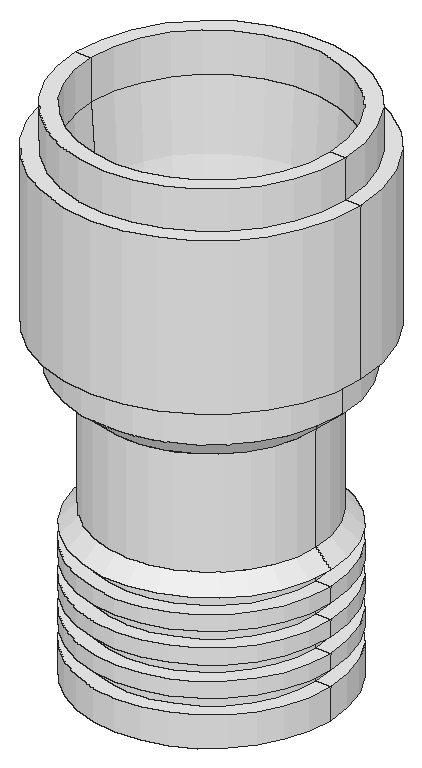
Revit family "XXXCheck_Valve-Grohe-Universal-14232_Series", category Pipe Accessories, Revit 2019
Family settings
  Round Connector Dimension = Use Diameter
  Part Type = Normal
  OmniClass Number = 23.65.55.14.17
  OmniClass Title = Adjusting/Controlling Valves for Liquid Services
  Work Plane-Based = Yes
  Always vertical = Yes
  Cut with Voids When Loaded = Yes
  Shared = Yes
Parameters (values of type "14232000")
  Water Supply Pressure = ""
  URL = "https://www.grohe.us/"
  Model = "14232000"
  Material = "Metal-Grohe-000-StarLight Chrome"
  Manufacturer = "GROHE"
  Height = 1 1/16"
  Finish = Metal-Grohe-000-StarLight Chrome
  Diameter = 1/2"
  Description = "UNIVERSAL Check Valve"
  Default Elevation = 0"
  Creation Date = "11/04/2022"
  Connection Size = 1/2"
  Compliance Certifications = "CSA compliant when installed to the specific requirements of these regulations"
  Assembly Code = "D2090600"
  ADA Compliant = yes
Types (6): name | Model | Material | Finish | Compliance Certifications
  (no name) | "14232000" | "Metal-Grohe-000-StarLight Chrome" | Metal-Grohe-000-StarLight Chrome | "CSA compliant when installed to the specific requirements of these regulations"
  14232000 | "14232000" | "Metal-Grohe-000-StarLight Chrome" | Metal-Grohe-000-StarLight Chrome | "CSA compliant when installed to the specific requirements of these regulations"
  142322430 | "142322430" | "Metal-Grohe-430-Matte Black" | Metal-Grohe-430-Matte Black | "ADA, CSA compliant when installed to the specific requirements of these regulations"
  14232A00 | "14232A00" | "Metal-Grohe-A00-Hard Graphite" | Metal-Grohe-A00-Hard Graphite | "ADA, CSA compliant when installed to the specific requirements of these regulations"
  14232EN0 | "14232EN0" | "Metal-Grohe-Brushed Nickel Infinity Finish" | Metal-Grohe-Brushed Nickel Infinity Finish | "ADA, CSA compliant when installed to the specific requirements of these regulations"
  14232GN0 | "14232GN0" | "Metal-Grohe-Brushed Nickel Infinity Finish" | Metal-Grohe-Brushed Cool Sunrise | "ADA, CSA compliant when installed to the specific requirements of these regulations"
Reference planes (in)
  plane 1 "Center (Front/Back)": y = 0
  plane 2: z = 0
  plane 3 "Center (Left/Right)": x = 0
  plane 4: x = -0.25
  plane 5: z = 0.3125
  plane 6: z = 1.0625
  plane 7: z = 0.8125
  plane 8: x = 0.25
  plane 9: x = -0.21875
Forms (in)
  Revolve 1, solid, material "Metal-Grohe-000-StarLight Chrome" <- "Finish"
    sketch origin (0, 0, 0) x (1, 0, 0) y (0, 0, 1)
      loop
        line (-0.21875, 0.15625) -> (-0.21875, 0.125) -> (-0.25, 0.125) -> (-0.25, 0.09375) -> (-0.21875, 0.09375) -> (-0.21875, 0.0625) -> (-0.25, 0.0625) -> (-0.25, 0) -> (-0.21875, 0)
        arc (-0.21875, 0) -> (-0.16548, 0.34744) -> (-0.21123, 0.69594) r 1.2477
        arc (-0.21123, 0.69594) -> (-0.24026, 0.83635) -> (-0.25, 0.9794) r 1.05566
        line (-0.25, 0.9794) -> (-0.25, 1.0625) -> (-0.28125, 1.0625) -> (-0.28125, 0.98375) -> (-0.3125, 0.98375) -> (-0.3125, 0.65949) -> (-0.27428, 0.65949) -> (-0.27428, 0.58121) -> (-0.21875, 0.53294) -> (-0.21875, 0.3125) -> (-0.25, 0.28125) -> (-0.21875, 0.28125) -> (-0.21875, 0.25) -> (-0.25, 0.25) -> (-0.25, 0.21875) -> (-0.21875, 0.21875) -> (-0.21875, 0.1875) -> (-0.25, 0.1875) -> (-0.25, 0.15625) -> (-0.21875, 0.15625)
      axis (0, 1.0625) -> (0, 0)
    angle from 0 to 360
Lines and regions (in)
  Masking region 1
    outline origin (0, 0, 0) x (1, 0, 0) y (0, 1, 0)
      loop
        circle (0, 0) r 0.3125
  symbolic lines, detail levels medium+fine
    curve 1: circle (0, 0, 0) r 0.25 normal (0, 0, -1)
Dimensions and locks (in)
  plane 5 to level = 5/16"
  "Height": plane 6 to level
  plane 6 to plane 7 = 1/4"
  "Diameter": plane 8 to plane 4
  locked: plane 9 to plane 4 at 0.03125
  aligned and locked: Revolve 1 sketch curve to Revolve 1 sketch curve  (x3)
  aligned and locked: Revolve 1 sketch curve to plane 9
  aligned and locked: plane 4 to Revolve 1 sketch curve  (x2)
  aligned and locked: Revolve 1 sketch curve to plane 4  (x2)
  aligned and locked: Masking region 1 sketch curve to Revolve 1
  aligned and locked: curve 1 to Revolve 1
Automatic sketch dimensions
  Revolve 1 sketch curve to plane 6 = 0"
  Revolve 1 sketch curve to plane 4 = 0"  (x2)
  Revolve 1 sketch curve to plane 5 = 0"
  Revolve 1 sketch curve to plane 9 = 0"  (x2)
  Revolve 1 sketch curve to level = 0"
  Revolve 1 sketch curve to plane 3 "Center (Left/Right)" = 0"
  Revolve 1 sketch curve to plane 4 = 0.02428"
  Revolve 1 sketch curve to Revolve 1 sketch curve = 1/32"  (x7)
  Revolve 1 sketch curve to Revolve 1 sketch curve = 0.03822"
  plane 5 to Revolve 1 sketch curve = 0.04841"
  Revolve 1 sketch curve to Revolve 1 sketch curve = 1.10061"
  Revolve 1 sketch curve to plane 6 = 0.0831"
  Revolve 1 sketch curve to plane 8 = 0.55566"
  Revolve 1 sketch curve to Revolve 1 sketch curve = 1/16"
  Revolve 1 sketch curve to plane 5 = 1/32"
  Revolve 1 sketch curve to Revolve 1 sketch curve = 0.163"
  Revolve 1 sketch curve to Revolve 1 sketch curve = 0.11473"
  Revolve 1 sketch curve to Revolve 1 sketch curve = 0.07828"
  Revolve 1 sketch curve to Revolve 1 sketch curve = 0.00435"
  plane 6 to Revolve 1 sketch curve = 0.15301"
  Revolve 1 sketch curve to Revolve 1 sketch curve = 0.16402"
Connectors (in)
  piping at (0, 0, 1.0625), diameter 0.5, driven by "Connection Size"
    settings: on Revolve 1, index 1, connector inside diameter 24", connector length 0", flow factor 0, pipe flow 0 GPM, pressure drop 0.00 psi, fitting loss kfactor 0, connector angle 0.00°, fixture units 0, engagement length 0", angle of deflection 0.00°, flow configuration 0, flow direction 1, fitting loss method 0, system type 29, joint type 0, gender type 0, connector reference index -1, connector utility 0, adjustable connector no, is connector primary yes, connector description "1/2\" Inlet Connection"
  piping at (0, 0, 0), diameter 0.5, driven by "Connection Size"
    settings: on Revolve 1, index 2, connector inside diameter 24", connector length 0", flow factor 0, pipe flow 0 GPM, pressure drop 0.00 psi, fitting loss kfactor 0, connector angle 0.00°, fixture units 0, engagement length 0", angle of deflection 0.00°, flow configuration 0, flow direction 2, fitting loss method 0, system type 29, joint type 0, gender type 0, connector reference index -1, connector utility 0, adjustable connector no, is connector primary no, connector description "1/2\" Outlet Connection"
